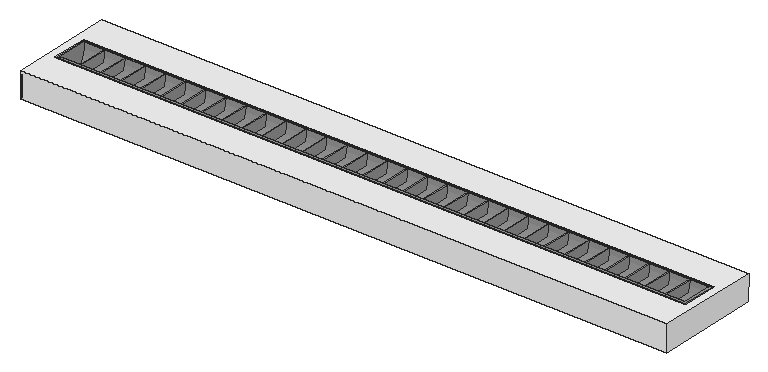
Revit family "0051210 Lighting Fixture_Sylvania_Rana LED 187x1183-Electronic-4000K_Surface Mounted", category Lighting Fixtures, host Face, Revit 2015
Parameters (values of type "RANA LED D W CM+P 1*LH 3K")
  Width = 187.0 mm
  Weight = 3.60 kg
  Wattage = 32 W
  built-in parameter 1150110 = 1 (stored number, unit not read)
  Voltage Comments = "UNV (Universal Voltage; 220-240 Volt)"  # constant formula
  Voltage = 230 V  # constant formula
  URL = "http://www.feilosylvania.com/"
  built-in parameter 1114217 = 1 (stored number, unit not read)
  Tilt Angle = -90.00°
  built-in parameter 1150109 = 1 (stored number, unit not read)
  built-in parameter 1150134 = (empty or 0)
  built-in parameter 1150113 = 1 (stored number, unit not read)
  Reflector Material = Steel_Sylvania_RanaLED_Silver
  Product Page URL = "http://www.feilosylvania.com/product/en-int/products/0051215"
  Product Family = "Rana LED 187x1183-Electronic-4000K Lamp"  # constant formula
  Photometry Comments = ""
  Photometric Web File = "0051215_RANALEDDWCM+P1LH3K-186482.ies"
  Louver Length = Length - 30.0 mm  # 1153.0 mm
  Life = "50 000h"  # constant formula
  Length = 1183.0 mm
  IP Rating = "20"  # constant formula
  IK Rating = "07"  # constant formula
  Height = 47.0 mm
  Energy Class = "A++, A+, A"  # constant formula
  built-in parameter 1114216 [instance] = 1 (stored number, unit not read)
  Model = "RANA LED D W CM+P 1*LH 3K"
  Manufacturer = "Feilo Sylvania"  # constant formula
  built-in parameter 1150105 = 1697.5 (stored number, unit not read)
  Lumens = 2944 lm
  built-in parameter 1150115 = 1 (stored number, unit not read)
  built-in parameter 1150137 = (empty or 0)
  built-in parameter 1150139 = (empty or 0)
  built-in parameter 1150112 = 1 (stored number, unit not read)
  built-in parameter 1150114 = 1 (stored number, unit not read)
  Lamp = "Integrated LED"  # constant formula
  built-in parameter 1150132 = 2
  built-in parameter 1150102 = (empty or 0)
  built-in parameter 1150107 = 3000 (stored number, unit not read)
  built-in parameter 1150138 = (empty or 0)
  built-in parameter 1150106 = 16.975 (stored number, unit not read)
  Emit from Rectangle Width = 65.0 mm  # constant formula
  Emit from Rectangle Length = Louver Length  # 1153.0 mm
  Emit Shape Visible in Rendering = no
  built-in parameter 1150104 = 8.5471 (stored number, unit not read)
  Dimming Lamp Color Temperature Shift = <None>
  Description = "Provides perfect uniform light distribution greatly enhancing the lit space. Low profile for ease of installation in restricted ceiling voids. Two stage optic for optimum comfort and efficiency. UGR19 office compliant. Enclosed design reduces dust ingress and improves Lumen Maintenance Factor (LMF). 32W - 69W LED surface luminaire. Rana LED is perfect for office lighting applications, schools, airports and general lighting applications. Available with a satin optic and micro prism diffuser. Available in surface (615 X 615, 1183 X 1187). Rana LED delivers high efficiency up to 6,050lm (luminaire lumen output on 4,000K version), equating to 101lm/W (total system efficiency). Available in warm white (3,000K) and neutral white (4,000K). Integrated LED solution that has the same aesthetics as a T5 or T8 diffuse luminaire. Energy efficient electronic gear including DALI and 3 hour emergency versions as standard. Long lifetime: 50,000 hours life at 70% of the original output L70. Less maintenance is required due to the long lifetime of 50,000hrs. Energy Class: A++, A+, A. LED technology provides an energy efficient solution with reduced maintenance costs. Comes complete with safety cable"  # constant formula
  Default Elevation = 0.0 mm
  Color Filter = 16777215
  Catalog Number = "0051215 RANA LED D W CM+P 1*LH 3K"
  built-in parameter 1140040 [instance] = 1
  built-in parameter 1114218 = 1 (stored number, unit not read)
  built-in parameter 1150133 = 10 (stored number, unit not read)
  Assembly Code = "D5020200"
  Apparent Load Comments = ""
  Apparent Load = 32 VA
  Accessory Material = Aluminum_Sylvania_RanaLED_White
Types (2, lengths in mm): name | Wattage | built-in parameter 1150134 | Product Page URL | Photometric Web File | Model | built-in parameter 1150105 | Lumens | built-in parameter 1150107 | built-in parameter 1150106 | Catalog Number
  RANA LED D W CM+P 1*LH 3K | 32 W | (empty or 0) | "http://www.feilosylvania.com/product/en-int/products/0051215" | "0051215_RANALEDDWCM+P1LH3K-186482.ies" | "RANA LED D W CM+P 1*LH 3K" | 1697.5 (stored number, unit not read) | 2944 lm | 3000 (stored number, unit not read) | 16.975 (stored number, unit not read) | "0051215 RANA LED D W CM+P 1*LH 3K"
  RANA LED D W CM+P 1*LH 4K | 34.0761 W | 12 | "http://www.feilosylvania.com/product/en-int/products/0051210" | "0051210_RANALEDDWCM+P1LH4K-186521.ies" | "RANA LED D W CM+P 1*LH 4K" | 1807.7 (stored number, unit not read) | 3135 lm | 4000 (stored number, unit not read) | 18.077 (stored number, unit not read) | "0051210 RANA LED D W CM+P 1*LH 4K"
Reference planes
  plane 1 "Center (Front/Back)": y = 0
  plane 2 "Fixture Top": z = 0
  plane 3 "Center (Left/Right)": x = 0
  plane 4 "Fixture Left": x = -591.5
  plane 5 "Fixture Right": x = 591.5
  plane 6 "Fixture Back": y = 93.5
  plane 7 "Fixture Front": y = -93.5
  plane 8: x = -589.5
  plane 9: x = 589.5
  plane 10: y = 91.5
  plane 11: y = -91.5
  plane 12: x = -576.5
  plane 13: x = 576.5
  plane 14: y = 32.5
  plane 15 "Fixture Bottom": z = 47
  plane 16: z = 45
  plane 17: z = 2
  plane 18: y = -32.5
Forms (mm)
  Extrusion 1, solid, material "Aluminum_Sylvania_RanaLED_White" <- "Accessory Material", detail levels fine
    sketch origin (0, 0, 60) x (-1, 0, 0) y (0, -1, 0)
      loop
        line (591.5, -93.5) -> (591.5, 93.5) -> (-591.5, 93.5) -> (-591.5, -93.5) -> (591.5, -93.5)
      loop
        line (576.5, -32.5) -> (576.5, 32.5) -> (-576.5, 32.5) -> (-576.5, -32.5) -> (576.5, -32.5)
    from -15 to -13
  Extrusion 2, solid, material "Aluminum_Sylvania_RanaLED_White" <- "Accessory Material", detail levels fine
    sketch origin (0, 0, 60) x (-1, 0, 0) y (0, -1, 0)
      loop
        line (-591.5, -93.5) -> (591.5, -93.5) -> (591.5, 93.5) -> (-591.5, 93.5) -> (-591.5, -93.5)
      loop
        line (-589.5, -91.5) -> (589.5, -91.5) -> (589.5, 91.5) -> (-589.5, 91.5) -> (-589.5, -91.5)
    from -58 to -15
  Extrusion 3, solid, material "Aluminum_Sylvania_RanaLED_White" <- "Accessory Material", detail levels fine
    sketch origin (0, 0, 60) x (-1, 0, 0) y (0, -1, 0)
      loop
        line (-591.5, -93.5) -> (591.5, -93.5) -> (591.5, 93.5) -> (-591.5, 93.5) -> (-591.5, -93.5)
    from -60 to -58
  Extrusion 4, solid, material "Aluminum_Sylvania_RanaLED_White" <- "Accessory Material", detail levels coarse+medium
    sketch origin (0, 0, 60) x (-1, 0, 0) y (0, -1, 0)
      loop
        line (591.5, -93.5) -> (591.5, 93.5) -> (-591.5, 93.5) -> (-591.5, -93.5) -> (591.5, -93.5)
    from -60 to -13
Cuts and joins
  joined: Extrusion 1, Extrusion 2, Extrusion 3
Dimensions and locks
  equal spacing: plane 6 "Fixture Back", plane 1 "Center (Front/Back)", plane 7 "Fixture Front"
  "Width": plane 6 "Fixture Back" to plane 7 "Fixture Front"
  equal spacing: plane 4 "Fixture Left", plane 3 "Center (Left/Right)", plane 5 "Fixture Right"
  "Length": plane 4 "Fixture Left" to plane 5 "Fixture Right"
  locked: plane 4 "Fixture Left" to plane 8 at 2
  locked: plane 9 to plane 5 "Fixture Right" at 2
  locked: plane 6 "Fixture Back" to plane 10 at 2
  locked: plane 7 "Fixture Front" to plane 11 at 2
  locked: plane 4 "Fixture Left" to plane 12 at 15
  locked: plane 13 to plane 5 "Fixture Right" at 15
  locked: plane 1 "Center (Front/Back)" to plane 14 at 32.5
  "Height": plane 15 "Fixture Bottom" to plane 2 "Fixture Top"
  locked: plane 15 "Fixture Bottom" to plane 16 at 2
  locked: plane 17 to plane 2 "Fixture Top" at 2
  locked: plane 18 to plane 1 "Center (Front/Back)" at 32.5
  aligned and locked: plane 2 "Fixture Top" to host face
  aligned and locked: level to host face
  aligned and locked: Extrusion 1 sketch curve to plane 6 "Fixture Back"
  aligned and locked: plane 4 "Fixture Left" to Extrusion 1 sketch curve
  aligned and locked: Extrusion 1 sketch curve to plane 7 "Fixture Front"
  aligned and locked: plane 5 "Fixture Right" to Extrusion 1 sketch curve
  aligned and locked: Extrusion 1 to plane 16
  aligned and locked: plane 15 "Fixture Bottom" to Extrusion 1
  aligned and locked: Extrusion 2 sketch curve to Extrusion 1  (x4)
  aligned and locked: Extrusion 2 sketch curve to plane 10
  aligned and locked: Extrusion 2 sketch curve to plane 9
  aligned and locked: plane 11 to Extrusion 2 sketch curve
  aligned and locked: Extrusion 2 sketch curve to plane 8
  aligned and locked: Extrusion 2 to plane 17
  aligned and locked: plane 16 to Extrusion 2
  aligned and locked: Extrusion 3 sketch curve to Extrusion 1  (x4)
  aligned and locked: Extrusion 3 to plane 2 "Fixture Top"
  aligned and locked: plane 17 to Extrusion 3
  aligned and locked: plane 13 to nested 1
  aligned and locked: nested 1 to plane 15 "Fixture Bottom"
  aligned and locked: plane 3 "Center (Left/Right)" to imposter light
  aligned and locked: imposter light to plane 1 "Center (Front/Back)"
  aligned and locked: plane 15 "Fixture Bottom" to imposter light
  aligned and locked: Extrusion 4 sketch curve to cut or joined group of Extrusion 1, Extrusion 2, Extrusion 3  (x4)
  aligned and locked: Extrusion 4 to plane 2 "Fixture Top"
  aligned and locked: plane 15 "Fixture Bottom" to Extrusion 4
  aligned and locked: Extrusion 1 sketch curve to plane 18
  aligned and locked: plane 13 to Extrusion 1 sketch curve
  aligned and locked: plane 1 "Center (Front/Back)" to nested 1
Automatic sketch dimensions
  host sketch curve to host sketch curve = 1713.741 mm
  host sketch curve to host sketch curve = 1283.632 mm
  Extrusion 1 sketch curve to plane 12 = 0.0 mm
  Extrusion 1 sketch curve to plane 14 = 0.0 mm
Nested families
  nested 1: "Reflector Rana LED" at (0, 0, 7) x (0, 1, 0) z (0, 0, 1), type "Type", detail levels fine
    with Length 1153.0 mm, Lamella Number 30
Connectors
  electrical at (0, 0, 0), driven by "Voltage", driven by "Apparent Load"
    settings: on cut or joined group of Extrusion 1, Extrusion 2, Extrusion 3, index 1, voltage 230 V, apparent load 0 VA, apparent load phase1 32 VA, apparent load phase2 0 VA, apparent load phase3 0 VA, power factor 1, load classification "Lighting", number of poles 1, system type 31, power factor state 1, is connector primary yes, connector utility no, sub classification motor no, connector description ""
Definition of nested family "Reflector Rana LED"
  Parameters
    Length = 558.0 mm
    Lamella Number = Length / 39.0 mm  # 14
    Height = 40.0 mm
    Width = 65.0 mm
    Default Elevation = 0.0 mm
    Reflector Material = none
  Reference planes
    plane 1 "Center (Front/Back)": y = 0
    plane 2: z = 0
    plane 3 "Center (Left/Right)": x = 0
    plane 4: x = 32.5
    plane 5: x = -32.5
    plane 6: z = 40
    plane 7: x = -27.5
    plane 8: x = 27.5
    plane 9: z = 3
    plane 10: x = -15
    plane 11: x = 15
    plane 12: y = 279
    plane 13: y = -279
    plane 14: y = 239
    plane 15: y = -239
    plane 16: y = 274
    plane 17: y = -274
    plane 18: z = 20
    plane 19: z = 38.5
  Forms (mm)
    Extrusion 1, solid, material <- "Reflector Material"
      sketch origin (0, 0, 0) x (1, 0, 0) y (0, 0, 1)
        loop
          line (-27.5, 40) -> (-32.5, 40) -> (-32.5, 0) -> (32.5, 0) -> (32.5, 40) -> (27.5, 40)
          arc (27.5, 40) -> (24.712, 20.33) -> (15, 3) r 54
          line (15, 3) -> (-15, 3)
          arc (-15, 3) -> (-24.712, 20.33) -> (-27.5, 40) r 54
      from -279 to 279
    Extrusion 2, solid, material <- "Reflector Material"
      sketch origin (0, 0, 0) x (1, 0, 0) y (0, 0, 1)
        loop
          line (32.5, 40) -> (-32.5, 40) -> (-32.5, 0) -> (32.5, 0) -> (32.5, 40)
      from 274 to 279
    Extrusion 3, solid, material <- "Reflector Material"
      sketch origin (0, 0, 0) x (1, 0, 0) y (0, 0, -1)
        loop
          line (32.5, -40) -> (32.5, 0) -> (-32.5, 0) -> (-32.5, -40) -> (32.5, -40)
      from 274 to 279
    Extrusion 4, solid, material <- "Reflector Material"
      sketch origin (0, -1, 0) x (1, 0, 0) y (0, 0, 1)
        loop
          line (-24.599, 20) -> (24.599, 20)
          arc (24.599, 20) -> (26.881, 29.121) -> (27.545, 38.5) r 54
          line (27.545, 38.5) -> (-27.545, 38.5)
          arc (-27.545, 38.5) -> (-26.881, 29.121) -> (-24.599, 20) r 54
      from -240 to -238
    Extrusion 5, solid, material <- "Reflector Material"
      sketch origin (0, -477, 0) x (1, 0, 0) y (0, 0, 1)
        loop
          line (-24.599, 20) -> (24.599, 20)
          arc (24.599, 20) -> (26.881, 29.121) -> (27.545, 38.5) r 54
          line (27.545, 38.5) -> (-27.545, 38.5)
          arc (-27.545, 38.5) -> (-26.881, 29.121) -> (-24.599, 20) r 54
      from -240 to -238
    Extrusion 6, solid, material <- "Reflector Material"
      sketch origin (0, -37.615, 0) x (1, 0, 0) y (0, 0, 1)
        loop
          line (-24.599, 20) -> (24.599, 20)
          arc (24.599, 20) -> (26.881, 29.121) -> (27.545, 38.5) r 54
          line (27.545, 38.5) -> (-27.545, 38.5)
          arc (-27.545, 38.5) -> (-26.881, 29.121) -> (-24.599, 20) r 54
      from -240 to -238
    Extrusion 7, solid, material <- "Reflector Material"
      sketch origin (0, -74.231, 0) x (1, 0, 0) y (0, 0, 1)
        loop
          line (-24.599, 20) -> (24.599, 20)
          arc (24.599, 20) -> (26.881, 29.121) -> (27.545, 38.5) r 54
          line (27.545, 38.5) -> (-27.545, 38.5)
          arc (-27.545, 38.5) -> (-26.881, 29.121) -> (-24.599, 20) r 54
      from -240 to -238
    Extrusion 8, solid, material <- "Reflector Material"
      sketch origin (0, -110.846, 0) x (1, 0, 0) y (0, 0, 1)
        loop
          line (-24.599, 20) -> (24.599, 20)
          arc (24.599, 20) -> (26.881, 29.121) -> (27.545, 38.5) r 54
          line (27.545, 38.5) -> (-27.545, 38.5)
          arc (-27.545, 38.5) -> (-26.881, 29.121) -> (-24.599, 20) r 54
      from -240 to -238
    Extrusion 9, solid, material <- "Reflector Material"
      sketch origin (0, -147.462, 0) x (1, 0, 0) y (0, 0, 1)
        loop
          line (-24.599, 20) -> (24.599, 20)
          arc (24.599, 20) -> (26.881, 29.121) -> (27.545, 38.5) r 54
          line (27.545, 38.5) -> (-27.545, 38.5)
          arc (-27.545, 38.5) -> (-26.881, 29.121) -> (-24.599, 20) r 54
      from -240 to -238
    Extrusion 10, solid, material <- "Reflector Material"
      sketch origin (0, -184.077, 0) x (1, 0, 0) y (0, 0, 1)
        loop
          line (-24.599, 20) -> (24.599, 20)
          arc (24.599, 20) -> (26.881, 29.121) -> (27.545, 38.5) r 54
          line (27.545, 38.5) -> (-27.545, 38.5)
          arc (-27.545, 38.5) -> (-26.881, 29.121) -> (-24.599, 20) r 54
      from -240 to -238
    Extrusion 11, solid, material <- "Reflector Material"
      sketch origin (0, -220.692, 0) x (1, 0, 0) y (0, 0, 1)
        loop
          line (-24.599, 20) -> (24.599, 20)
          arc (24.599, 20) -> (26.881, 29.121) -> (27.545, 38.5) r 54
          line (27.545, 38.5) -> (-27.545, 38.5)
          arc (-27.545, 38.5) -> (-26.881, 29.121) -> (-24.599, 20) r 54
      from -240 to -238
    Extrusion 12, solid, material <- "Reflector Material"
      sketch origin (0, -257.308, 0) x (1, 0, 0) y (0, 0, 1)
        loop
          line (-24.599, 20) -> (24.599, 20)
          arc (24.599, 20) -> (26.881, 29.121) -> (27.545, 38.5) r 54
          line (27.545, 38.5) -> (-27.545, 38.5)
          arc (-27.545, 38.5) -> (-26.881, 29.121) -> (-24.599, 20) r 54
      from -240 to -238
    Extrusion 13, solid, material <- "Reflector Material"
      sketch origin (0, -293.923, 0) x (1, 0, 0) y (0, 0, 1)
        loop
          line (-24.599, 20) -> (24.599, 20)
          arc (24.599, 20) -> (26.881, 29.121) -> (27.545, 38.5) r 54
          line (27.545, 38.5) -> (-27.545, 38.5)
          arc (-27.545, 38.5) -> (-26.881, 29.121) -> (-24.599, 20) r 54
      from -240 to -238
    Extrusion 14, solid, material <- "Reflector Material"
      sketch origin (0, -330.538, 0) x (1, 0, 0) y (0, 0, 1)
        loop
          line (-24.599, 20) -> (24.599, 20)
          arc (24.599, 20) -> (26.881, 29.121) -> (27.545, 38.5) r 54
          line (27.545, 38.5) -> (-27.545, 38.5)
          arc (-27.545, 38.5) -> (-26.881, 29.121) -> (-24.599, 20) r 54
      from -240 to -238
    Extrusion 15, solid, material <- "Reflector Material"
      sketch origin (0, -367.154, 0) x (1, 0, 0) y (0, 0, 1)
        loop
          line (-24.599, 20) -> (24.599, 20)
          arc (24.599, 20) -> (26.881, 29.121) -> (27.545, 38.5) r 54
          line (27.545, 38.5) -> (-27.545, 38.5)
          arc (-27.545, 38.5) -> (-26.881, 29.121) -> (-24.599, 20) r 54
      from -240 to -238
    Extrusion 16, solid, material <- "Reflector Material"
      sketch origin (0, -403.769, 0) x (1, 0, 0) y (0, 0, 1)
        loop
          line (-24.599, 20) -> (24.599, 20)
          arc (24.599, 20) -> (26.881, 29.121) -> (27.545, 38.5) r 54
          line (27.545, 38.5) -> (-27.545, 38.5)
          arc (-27.545, 38.5) -> (-26.881, 29.121) -> (-24.599, 20) r 54
      from -240 to -238
    Extrusion 17, solid, material <- "Reflector Material"
      sketch origin (0, -440.385, 0) x (1, 0, 0) y (0, 0, 1)
        loop
          line (-24.599, 20) -> (24.599, 20)
          arc (24.599, 20) -> (26.881, 29.121) -> (27.545, 38.5) r 54
          line (27.545, 38.5) -> (-27.545, 38.5)
          arc (-27.545, 38.5) -> (-26.881, 29.121) -> (-24.599, 20) r 54
      from -240 to -238
  Cuts and joins
    joined: Extrusion 1, Extrusion 2, Extrusion 3
  Dimensions and locks
    equal spacing: plane 4, plane 3 "Center (Left/Right)", plane 5
    "Width": plane 5 to plane 4
    "Height": plane 6 to level
    locked: plane 7 to plane 5 at 5
    locked: plane 8 to plane 4 at 5
    locked: plane 5 to plane 10 at 17.5
    locked: plane 4 to plane 11 at 17.5
    equal spacing: plane 13, plane 1 "Center (Front/Back)", plane 12
    "Length": plane 12 to plane 13
    locked: plane 12 to plane 14 at 40
    locked: plane 15 to plane 13 at 40
    locked: plane 17 to plane 13 at 5
    locked: plane 12 to plane 16 at 5
    equal spacing: group 1, group 3, group 4, group 5, group 6, group 7, group 8, group 9, group 10, group 11, group 12, group 13, group 14, group 2  (x2)
    equal spacing: group 2, group 14, group 13, group 12, group 11, group 10, group 9, group 8, group 7, group 6, group 5, group 4, group 3, group 1
    locked: plane 6 to plane 19 at 1.5
    locked: plane 6 to plane 18 at 20
    locked: plane 6 to plane 9 at 37
    aligned and locked: level to plane 2
    aligned and locked: plane 10 to Extrusion 1 sketch curve
    aligned and locked: plane 6 to Extrusion 1 sketch curve
    aligned and locked: plane 7 to Extrusion 1 sketch curve
    aligned and locked: plane 8 to Extrusion 1 sketch curve
    aligned and locked: plane 9 to Extrusion 1 sketch curve  (x2)
    aligned and locked: plane 11 to Extrusion 1 sketch curve
    aligned and locked: Extrusion 1 sketch curve to plane 5
    aligned and locked: plane 2 to Extrusion 1 sketch curve
    aligned and locked: Extrusion 1 sketch curve to plane 4
    aligned and locked: Extrusion 1 sketch curve to plane 6  (x2)
    aligned and locked: plane 12 to Extrusion 1
    aligned and locked: Extrusion 1 to plane 13
    aligned and locked: Extrusion 2 sketch curve to Extrusion 1  (x4)
    aligned and locked: Extrusion 2 to plane 13
    aligned and locked: Extrusion 2 to plane 17
    aligned and locked: plane 12 to Extrusion 3
    aligned and locked: Extrusion 3 to plane 16
    aligned and locked: Extrusion 4 to plane 14
    aligned and locked: Extrusion 5 to plane 15
    aligned and locked: plane 14 to Extrusion 4
    aligned and locked: Extrusion 4 to plane 18
    aligned and locked: plane 19 to Extrusion 4
    aligned and locked: plane 19 to Extrusion 5
    aligned and locked: Extrusion 5 to plane 18
  Automatic sketch dimensions
    Extrusion 1 sketch curve to plane 19 = 0.886 mm  (x2)
    plane 5 to Extrusion 3 sketch curve = 0.0 mm
    Extrusion 3 sketch curve to level = 0.0 mm
    Extrusion 3 sketch curve to plane 4 = 0.0 mm
    Extrusion 3 sketch curve to plane 6 = 0.0 mm
    Extrusion 4 sketch curve to Extrusion 4 sketch curve = 2.946 mm  (x2)
    Extrusion 4 sketch curve to Extrusion 4 sketch curve = 49.199 mm
    Extrusion 4 sketch curve to Extrusion 4 sketch curve = 1.098 mm  (x2)
    Extrusion 4 sketch curve to Extrusion 4 sketch curve = 18.5 mm
    Extrusion 5 sketch curve to Extrusion 5 sketch curve = 2.946 mm  (x2)
    Extrusion 5 sketch curve to Extrusion 5 sketch curve = 49.199 mm
    Extrusion 5 sketch curve to Extrusion 5 sketch curve = 1.098 mm  (x2)
    Extrusion 5 sketch curve to Extrusion 5 sketch curve = 18.5 mm
    Extrusion 6 sketch curve to Extrusion 6 sketch curve = 2.946 mm  (x2)
    Extrusion 6 sketch curve to Extrusion 6 sketch curve = 49.199 mm
    Extrusion 6 sketch curve to Extrusion 6 sketch curve = 1.098 mm  (x2)
    Extrusion 6 sketch curve to Extrusion 6 sketch curve = 18.5 mm
    Extrusion 7 sketch curve to Extrusion 7 sketch curve = 2.946 mm  (x2)
    Extrusion 7 sketch curve to Extrusion 7 sketch curve = 49.199 mm
    Extrusion 7 sketch curve to Extrusion 7 sketch curve = 1.098 mm  (x2)
    Extrusion 7 sketch curve to Extrusion 7 sketch curve = 18.5 mm
    Extrusion 8 sketch curve to Extrusion 8 sketch curve = 2.946 mm  (x2)
    Extrusion 8 sketch curve to Extrusion 8 sketch curve = 49.199 mm
    Extrusion 8 sketch curve to Extrusion 8 sketch curve = 1.098 mm  (x2)
    Extrusion 8 sketch curve to Extrusion 8 sketch curve = 18.5 mm
    Extrusion 9 sketch curve to Extrusion 9 sketch curve = 2.946 mm  (x2)
    Extrusion 9 sketch curve to Extrusion 9 sketch curve = 49.199 mm
    Extrusion 9 sketch curve to Extrusion 9 sketch curve = 1.098 mm  (x2)
    Extrusion 9 sketch curve to Extrusion 9 sketch curve = 18.5 mm
    Extrusion 10 sketch curve to Extrusion 10 sketch curve = 2.946 mm  (x2)
    Extrusion 10 sketch curve to Extrusion 10 sketch curve = 49.199 mm
    Extrusion 10 sketch curve to Extrusion 10 sketch curve = 1.098 mm  (x2)
    Extrusion 10 sketch curve to Extrusion 10 sketch curve = 18.5 mm
    Extrusion 11 sketch curve to Extrusion 11 sketch curve = 2.946 mm  (x2)
    Extrusion 11 sketch curve to Extrusion 11 sketch curve = 49.199 mm
    Extrusion 11 sketch curve to Extrusion 11 sketch curve = 1.098 mm  (x2)
    Extrusion 11 sketch curve to Extrusion 11 sketch curve = 18.5 mm
    Extrusion 12 sketch curve to Extrusion 12 sketch curve = 2.946 mm  (x2)
    Extrusion 12 sketch curve to Extrusion 12 sketch curve = 49.199 mm
    Extrusion 12 sketch curve to Extrusion 12 sketch curve = 1.098 mm  (x2)
    Extrusion 12 sketch curve to Extrusion 12 sketch curve = 18.5 mm
    Extrusion 13 sketch curve to Extrusion 13 sketch curve = 2.946 mm  (x2)
    Extrusion 13 sketch curve to Extrusion 13 sketch curve = 49.199 mm
    Extrusion 13 sketch curve to Extrusion 13 sketch curve = 1.098 mm  (x2)
    Extrusion 13 sketch curve to Extrusion 13 sketch curve = 18.5 mm
    Extrusion 14 sketch curve to Extrusion 14 sketch curve = 2.946 mm  (x2)
    Extrusion 14 sketch curve to Extrusion 14 sketch curve = 49.199 mm
    Extrusion 14 sketch curve to Extrusion 14 sketch curve = 1.098 mm  (x2)
    Extrusion 14 sketch curve to Extrusion 14 sketch curve = 18.5 mm
    Extrusion 15 sketch curve to Extrusion 15 sketch curve = 2.946 mm  (x2)
    Extrusion 15 sketch curve to Extrusion 15 sketch curve = 49.199 mm
    Extrusion 15 sketch curve to Extrusion 15 sketch curve = 1.098 mm  (x2)
    Extrusion 15 sketch curve to Extrusion 15 sketch curve = 18.5 mm
    Extrusion 16 sketch curve to Extrusion 16 sketch curve = 2.946 mm  (x2)
    Extrusion 16 sketch curve to Extrusion 16 sketch curve = 49.199 mm
    Extrusion 16 sketch curve to Extrusion 16 sketch curve = 1.098 mm  (x2)
    Extrusion 16 sketch curve to Extrusion 16 sketch curve = 18.5 mm
    Extrusion 17 sketch curve to Extrusion 17 sketch curve = 2.946 mm  (x2)
    Extrusion 17 sketch curve to Extrusion 17 sketch curve = 49.199 mm
    Extrusion 17 sketch curve to Extrusion 17 sketch curve = 1.098 mm  (x2)
    Extrusion 17 sketch curve to Extrusion 17 sketch curve = 18.5 mm
